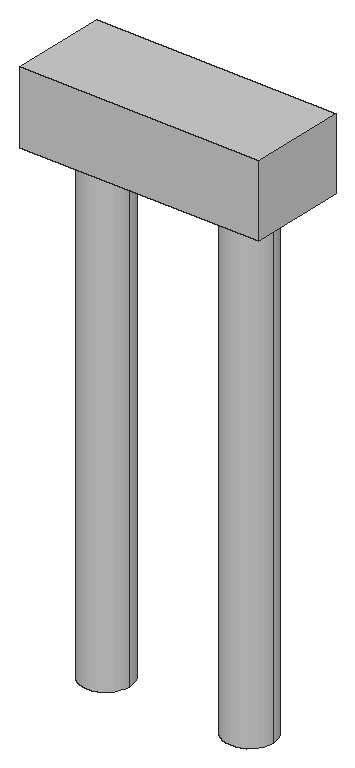
Revit family "Bloco de fundação - 2 Estacas", category Fundações estruturais, Revit 2019
Family settings
  Material para o comportamento do modelo = Outros
  Cap = Não
  Com base no plano de trabalho = Não
  Sempre na vertical = Sim
  Corte com vazios quando carregada = Não
  Compartilhado = Não
Parameters (values of type "1200x3000x900mm")
  Largura = 3000 mm
  Structural Material [instance] = Concreto - Moldado in loco
  Tipo do pilar [instance] = Estaca de concreto : Diâmetro de 600 mm
  Profundidade da estaca [instance] = 6000 mm
  Comprimento = 1200 mm
  Espessura da fundação = 900 mm
  Cortado = 100 mm
  Apuramento = 600 mm
  Código de montagem = "A1010130"
Reference planes
  plane 1 "Centro (Frente/Trás)": y = 0
  plane 2: z = 0
  plane 3 "Centro (Esquerda/Direita)": x = 0
  plane 4: x = -1500
  plane 5: x = 1500
  plane 6: y = 600
  plane 7: y = -600
  plane 8: z = -900
  plane 9: x = -900
  plane 10: x = 900
  plane 11: z = -800
  plane 12: z = -6900
Forms (mm)
  Extrusion 1, solid, material "Concreto - Moldado in loco" <- "Structural Material"
    sketch origin (0, 0, 0) x (1, 0, 0) y (0, 1, 0)
      loop
        line (-1500, 600) -> (-1500, -600) -> (1500, -600) -> (1500, 600) -> (-1500, 600)
    from -900 to 0
Dimensions and locks
  "Largura": plane 4 to plane 5
  "Comprimento": plane 6 to plane 7
  equal spacing: plane 6, plane 1 "Centro (Frente/Trás)", plane 7
  equal spacing: plane 4, plane 3 "Centro (Esquerda/Direita)", plane 5
  "Espessura da fundação": plane 2 to plane 8
  "Apuramento": plane 4 to plane 9
  "Apuramento": plane 10 to plane 5
  "Cortado": plane 11 to plane 8
  "Profundidade da estaca": plane 8 to plane 12
  aligned and locked: plane 4 to Extrusion 1 sketch curve
  aligned and locked: Extrusion 1 sketch curve to plane 5
  aligned and locked: Extrusion 1 sketch curve to plane 6
  aligned and locked: plane 7 to Extrusion 1 sketch curve
  aligned and locked: level to Extrusion 1
  aligned and locked: Extrusion 1 to plane 8
  aligned and locked: plane 1 "Centro (Frente/Trás)" to nested 1
  aligned and locked: nested 1 to plane 9
  aligned and locked: plane 10 to nested 2
  aligned and locked: plane 1 "Centro (Frente/Trás)" to nested 2
  aligned and locked: plane 11 to nested 1
  aligned and locked: plane 11 to nested 2
Nested families
  nested 1: "Estaca de concreto" at (-900, 0, -900), Emblocamento mínimo <- "Cortado", Linear <- "Profundidade da estaca", type <- "Tipo do pilar", type "Diâmetro de 600 mm"
    with Structural Material Concreto - Moldado in loco, Emblocamento mínimo 100 mm, Linear 6000 mm
  nested 2: "Estaca de concreto" at (900, 0, -900), Emblocamento mínimo <- "Cortado", Linear <- "Profundidade da estaca", type <- "Tipo do pilar", type "Diâmetro de 600 mm"
    with Structural Material Concreto - Moldado in loco, Emblocamento mínimo 100 mm, Linear 6000 mm
Definition of nested family "Estaca de concreto"
  Parameters
    Structural Material [instance] = none
    Raio = Diâmetro / 2  # 300 mm
    Emblocamento mínimo [instance] = 100 mm
    Diâmetro = 600 mm
    Linear [instance] = 6000 mm
  Reference planes
    plane 1 "Centro (Frente/Trás)": y = 0
    plane 2: z = 0
    plane 3 "Centro (Esquerda/Direita)": x = 0
    plane 4: z = 100
    plane 5: z = -6000
  Forms (mm)
    Extrusion 1, solid, material <- "Structural Material"
      sketch origin (0, 0, 0) x (1, 0, 0) y (0, 1, 0)
        loop
          circle (0, 0) r 300
      from -6000 to 100
  Dimensions and locks
    "Emblocamento mínimo": plane 4 to plane 2
    "Linear": plane 2 to plane 5
    "Raio": radius of Extrusion 1 sketch curve
    aligned and locked: plane 2 to level
    aligned and locked: plane 1 "Centro (Frente/Trás)" to Extrusion 1 sketch curve
    aligned and locked: plane 3 "Centro (Esquerda/Direita)" to Extrusion 1 sketch curve
    aligned and locked: Extrusion 1 to plane 5
    aligned and locked: plane 4 to Extrusion 1
